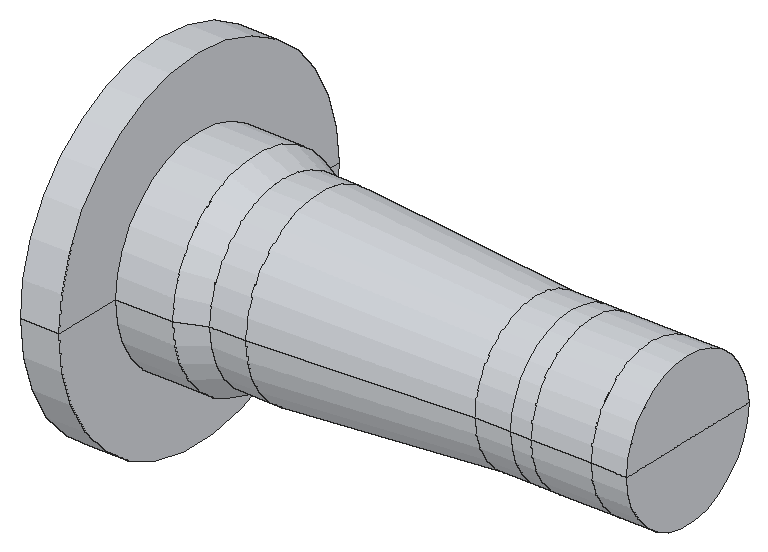
Revit family "1330efd58fd9473782993c4571957dfb", category Pipe Fittings, Revit 2021
Family settings
  Round Connector Dimension = Use Radius
  Part Type = Transition
  OmniClass Number = 23.60.30.11.14
  OmniClass Title = Pipework Fittings
  Work Plane-Based = No
  Always vertical = Yes
  Cut with Voids When Loaded = No
  Shared = No
Parameters (values of type "Standard")
  Visibility 2 [instance] = Nominal Diameter 2 > Nominal Diameter 1  # no
  Visibility 1 [instance] = Nominal Diameter 1 > Nominal Diameter 2  # yes
  URL = ""
  Type Comments = ""
  Tick Size 2 [instance] = if(Nominal Diameter 1 > Nominal Diameter 2, Min Tick Size 12, Max Tick Size 12)  # 1.5840"
  Tick Size 1 [instance] = if(Nominal Diameter 1 > Nominal Diameter 2, Max Tick Size 12, Min Tick Size 12)  # 1.9200"
  Min Tick Size 12 [instance] = Min Fitting Outside Diameter 12 * 0.4  # 1.5840"
  Max Tick Size 12 [instance] = Max Fitting Outside Diameter 12 * 0.4  # 1.9200"
  Socket Outside Radius 2 [instance] = Socket Outside Diameter 2 / 2  # 1.9800"
  Socket Outside Radius 1 [instance] = Socket Outside Diameter 1 / 2  # 2.7250"
  Socket Outside Diameter 2 [instance] = if(Nominal Diameter 1 > Nominal Diameter 2, Fitting Outside Diameter 2, Max Socket Outside Diameter 12)  # 3.9600"
  Socket Outside Diameter 1 [instance] = if(Nominal Diameter 1 > Nominal Diameter 2, Max Socket Outside Diameter 12, Fitting Outside Diameter 1)  # 5.4500"
  Socket Depth 2 [instance] = if(Nominal Diameter 2 < 14.0000", 2.5000", if(Nominal Diameter 2 < 30.0000", 3.5000", 4.0000"))  # 2.5000"
  Socket Depth 1 [instance] = if(Nominal Diameter 1 < 14.0000", 2.5000", if(Nominal Diameter 1 < 30.0000", 3.5000", 4.0000"))  # 2.5000"
  Min Socket Outside Diameter 12 [instance] = size_lookup(Lookup Table Name, "SOD", 1.1 * Min Nominal Diameter 12 + 0.8700", Min Nominal Diameter 12)  # 4.4800"
  Max Socket Outside Diameter 12 [instance] = size_lookup(Lookup Table Name, "SOD", 1.04 * Max Nominal Diameter 12 + 0.1300", Max Nominal Diameter 12)  # 5.4500"
  Nominal Radius 2 [instance] = 1.5000"
  Nominal Radius 1 [instance] = 2.0000"
  Nominal Diameter 2 [instance] = Nominal Radius 2 * 2  # 3.0000"
  Nominal Diameter 1 [instance] = Nominal Radius 1 * 2  # 4.0000"
  Min Nominal Diameter 12 [instance] = if(Nominal Diameter 1 > Nominal Diameter 2, Nominal Diameter 2, Nominal Diameter 1)  # 3.0000"
  Max Nominal Diameter 12 [instance] = if(Nominal Diameter 1 > Nominal Diameter 2, Nominal Diameter 1, Nominal Diameter 2)  # 4.0000"
  Manufacturer = ""
  Loss Method = K Coefficient from Table
  Lookup Table Name = "Reducer - MJ x PE - GI - Class 250"
  Length [instance] = size_lookup(Lookup Table Name, "Lgt", 2 * Max Nominal Diameter 12 + Socket Depth 1 - Socket Depth 2, Max Nominal Diameter 12, Min Nominal Diameter 12)  # 13.7500"
  K Coefficient Table = "Reducer/Coupling/Union/Increaser"
  Fitting Outside Radius 2 [instance] = Fitting Outside Diameter 2 / 2  # 1.9800"
  Fitting Outside Radius 1 [instance] = Fitting Outside Diameter 1 / 2  # 2.4000"
  Min Fitting Outside Diameter 12 [instance] = size_lookup(Lookup Table Name, "FOD", 1.04 * Min Nominal Diameter 12 + 0.7000", Min Nominal Diameter 12)  # 3.9600"
  Max Fitting Outside Diameter 12 [instance] = size_lookup(Lookup Table Name, "FOD", 1.04 * Max Nominal Diameter 12 + 0.7000", Max Nominal Diameter 12)  # 4.8000"
  built-in parameter 1114238 [instance] = (empty or 0)
  Fitting Outside Diameter 2 [instance] = if(Nominal Diameter 1 > Nominal Diameter 2, Min Fitting Outside Diameter 12, Max Fitting Outside Diameter 12)  # 3.9600"
  Fitting Outside Diameter 1 [instance] = if(Nominal Diameter 1 > Nominal Diameter 2, Max Fitting Outside Diameter 12, Min Fitting Outside Diameter 12)  # 4.8000"
  Description = ""
  Default Elevation = 0.0000"
  Bevel Length 2 [instance] = size_lookup(Lookup Table Name, "BvLgt", 0.04 * Nominal Diameter 2 + 0.4300", Nominal Diameter 2)  # 0.5200"
  Bevel Length 1 [instance] = size_lookup(Lookup Table Name, "BvLgt", 0.04 * Nominal Diameter 1 + 0.4300", Nominal Diameter 1)  # 0.6500"
  Gland Width 2 [instance] = size_lookup(Lookup Table Name, "GWid", 0.03 * Nominal Diameter 2 + 0.9400", Nominal Diameter 2)  # 0.9400"
  Gland Width 1 [instance] = size_lookup(Lookup Table Name, "GWid", 0.03 * Nominal Diameter 1 + 0.9400", Nominal Diameter 1)  # 1.0000"
  Gland Outside Radius 1 [instance] = Gland Outside Diameter 1 / 2  # 4.5600"
  Gland Outside Radius 2 [instance] = Gland Outside Diameter 2 / 2  # 1.9800"
  Max Gland Outside Diameter 12 [instance] = size_lookup(Lookup Table Name, "GOD", 1.16 * Max Nominal Diameter 12 + 4.0300", Max Nominal Diameter 12)  # 9.1200"
  Min Gland Outside Diameter 12 [instance] = size_lookup(Lookup Table Name, "GOD", 1.16 * Min Nominal Diameter 12 + 4.0300", Min Nominal Diameter 12)  # 7.6900"
  Gland Outside Diameter 2 [instance] = if(Nominal Diameter 1 > Nominal Diameter 2, Fitting Outside Diameter 2, Max Gland Outside Diameter 12)  # 3.9600"
  Gland Outside Diameter 1 [instance] = if(Nominal Diameter 1 > Nominal Diameter 2, Max Gland Outside Diameter 12, Fitting Outside Diameter 1)  # 9.1200"
  Assembly Code = ""
Reference planes (in)
  plane 1 "Center (Front/Back)": y = 0
  plane 2: z = 0
  plane 3 "Center (Left/Right)": x = 0
  plane 4 "Right": x = 13.75
  plane 5 "TK1 Top": y = 1.92
  plane 6 "TK1 Bottom": y = -1.92
  plane 7 "TK2 Top": y = 1.584
  plane 8 "TK2 Bottom": y = -1.584
  plane 9: y = 4.56
  plane 10: y = 2.725
  plane 11: x = 2.5
  plane 12: x = 3.15
  plane 13: y = 2.4
  plane 14 "SD2R": x = 11.25
  plane 15: x = 1
  plane 16: x = 12.81
  plane 17: x = 10.73
  plane 18: y = 1.98
  plane 19: y = 1.98
  plane 20: y = 1.98
  plane 21: x = 4.15
  plane 22: x = 9.79
Forms (in)
  Extrusion 1, solid, not visible
    sketch origin (0, 0, 0) x (0, 1, 0) y (0, 0, 1)
      loop
        circle (0, 0) r 1
    from 0 to 13.75
  Revolve 2, solid, detail levels fine
    sketch origin (0, 0, 0) x (1, 0, 0) y (0, 1, 0)
      loop
        line (1, 2.725) -> (1, 0) -> (12.81, 0) -> (12.81, 1.98) -> (11.25, 1.98) -> (10.73, 1.98) -> (9.79, 1.98) -> (4.15, 2.4) -> (3.2, 2.4) -> (2.5, 2.725) -> (1, 2.725)
      axis (1, 0) -> (12.81, 0)
    angle from 0 to 360
  Revolve 3, solid, detail levels fine
    sketch origin (0, 0, 0) x (1, 0, 0) y (0, 1, 0)
      loop
        line (0, 0) -> (1, 0) -> (1, 4.56) -> (0, 4.56) -> (0, 0)
      loop
        line (13.75, 0) -> (13.75, 1.98) -> (12.81, 1.98) -> (12.81, 0) -> (13.75, 0)
      axis (0, 0) -> (13.75, 0)
    angle from 0 to 360
Cuts and joins
  joined: Revolve 2, Revolve 3
Lines and regions (in)
  model lines, detail levels coarse+medium
    curve 1: line (0, 0, 0) -> (0, 1.92, 0)
    curve 2: line (0, -1.92, 0) -> (0, 0, 0)
    curve 3: line (13.75, 0, 0) -> (13.75, 1.584, 0)
    curve 4: line (13.75, 0, 0) -> (13.75, -1.584, 0)
  model lines, style "PipeFitting", visible <- "Visibility 1", detail levels coarse+medium
    curve 5: line (0, 1.92, 0) -> (13.75, 0, 0)
    curve 6: line (0, -1.92, 0) -> (13.75, 0, 0)
  model lines, style "PipeFitting", visible <- "Visibility 2", detail levels coarse+medium
    curve 7: line (13.75, 1.584, 0) -> (0, 0, 0)
    curve 8: line (0, 0, 0) -> (13.75, -1.584, 0)
Dimensions and locks (in)
  "Tick Size 1": plane 5 "TK1 Top" to plane 1 "Center (Front/Back)"
  "Tick Size 1": plane 6 "TK1 Bottom" to plane 1 "Center (Front/Back)"
  "Tick Size 2": plane 7 "TK2 Top" to plane 1 "Center (Front/Back)"
  "Tick Size 2": plane 8 "TK2 Bottom" to plane 1 "Center (Front/Back)"
  "Gland Outside Radius 1": plane 9 to plane 1 "Center (Front/Back)"
  "Socket Outside Radius 1": plane 1 "Center (Front/Back)" to plane 10
  "Fitting Outside Radius 1": plane 13 to plane 1 "Center (Front/Back)"
  "Length": plane 3 "Center (Left/Right)" to plane 4 "Right"
  "Socket Depth 2": plane 14 "SD2R" to plane 4 "Right"
  "Socket Depth 1": plane 3 "Center (Left/Right)" to plane 11
  "Gland Width 1": plane 3 "Center (Left/Right)" to plane 15
  "Gland Width 2": plane 16 to plane 4 "Right"
  "Bevel Length 1": plane 11 to plane 12
  "Bevel Length 2": plane 17 to plane 14 "SD2R"
  "Fitting Outside Radius 2": plane 18 to plane 1 "Center (Front/Back)"
  "Socket Outside Radius 2": plane 19 to plane 1 "Center (Front/Back)"
  "Gland Outside Radius 2": plane 20 to plane 1 "Center (Front/Back)"
  "Gland Width 1": plane 12 to plane 21
  "Gland Width 2": plane 22 to plane 17
  radius of Extrusion 1 sketch curve = 1.0000"
  aligned and locked: plane 2 to level
  aligned and locked: plane 2 to Extrusion 1 sketch curve
  aligned and locked: plane 1 "Center (Front/Back)" to Extrusion 1 sketch curve
  aligned and locked: Extrusion 1 to plane 3 "Center (Left/Right)"
  aligned and locked: plane 4 "Right" to Extrusion 1
  aligned and locked: plane 1 "Center (Front/Back)" to curve 2
  aligned and locked: plane 3 "Center (Left/Right)" to curve 1
  aligned and locked: plane 3 "Center (Left/Right)" to curve 2
  aligned and locked: plane 5 "TK1 Top" to curve 1
  aligned and locked: plane 6 "TK1 Bottom" to curve 2
  aligned and locked: curve 3 to plane 7 "TK2 Top"
  aligned and locked: curve 4 to plane 4 "Right"
  aligned and locked: plane 1 "Center (Front/Back)" to Revolve 2 sketch curve
  aligned and locked: Revolve 2 sketch curve to plane 10
  aligned and locked: plane 11 to Revolve 2 sketch curve
  aligned and locked: plane 14 "SD2R" to Revolve 2 sketch curve
  aligned and locked: plane 19 to Revolve 2 sketch curve
  aligned and locked: Revolve 2 sketch curve to Revolve 2 sketch curve
  aligned and locked: Revolve 2 sketch curve to plane 18
  aligned and locked: plane 22 to Revolve 2 sketch curve
  aligned and locked: Revolve 2 sketch curve to plane 13
  aligned and locked: plane 21 to Revolve 2 sketch curve
  aligned and locked: Revolve 3 sketch curve to plane 15
  aligned and locked: Revolve 3 sketch curve to plane 9
  aligned and locked: plane 20 to Revolve 3 sketch curve
  aligned and locked: plane 16 to Revolve 3 sketch curve
  aligned and locked: plane 4 "Right" to Revolve 3 sketch curve
  aligned and locked: Revolve 3 sketch curve to Revolve 3 sketch curve  (x2)
  aligned and locked: plane 3 "Center (Left/Right)" to Revolve 3 sketch curve
  aligned and locked: plane 15 to Revolve 2 sketch curve
  aligned and locked: plane 16 to Revolve 2 sketch curve
Automatic sketch dimensions
  plane 8 "TK2 Bottom" to curve 8 = 0.0000"
  plane 1 "Center (Front/Back)" to curve 4 = 0.0000"
  plane 1 "Center (Front/Back)" to Revolve 3 sketch curve = 0.0000"
  Revolve 3 sketch curve to plane 3 "Center (Left/Right)" = 9.7500"
  Revolve 3 sketch curve to Revolve 3 sketch curve = 7.2500"
  Revolve 2 sketch curve to plane 17 = 0.0000"
  Revolve 2 sketch curve to plane 3 "Center (Left/Right)" = 9.7500"
  Revolve 2 sketch curve to plane 12 = 0.0500"
  Revolve 2 sketch curve to Revolve 2 sketch curve = 8.3100"
Connectors (in)
  piping at (0, 0, 0), diameter 4, driven by "Nominal Radius 1"
    settings: on Extrusion 1, index 1, connector inside diameter 4.0000", connector length 0.0000", flow factor 0, pipe flow 0 GPM, pressure drop 0.00 psi, fitting loss kfactor 0, connector angle 0.00°, fixture units 0, engagement length 0.0000", angle of deflection 0.00°, flow configuration 0, flow direction 0, fitting loss method 0, system type 28, joint type 0, gender type 0, connector reference index 2, connector utility 0, adjustable connector no, is connector primary yes, connector description ""
  piping at (13.75, 0, 0), diameter 3, driven by "Nominal Radius 2"
    settings: on Extrusion 1, index 2, connector inside diameter 3.0000", connector length 0.0000", flow factor 0, pipe flow 0 GPM, pressure drop 0.00 psi, fitting loss kfactor 0, connector angle 0.00°, fixture units 0, engagement length 0.0000", angle of deflection 0.00°, flow configuration 0, flow direction 0, fitting loss method 0, system type 28, joint type 0, gender type 0, connector reference index 1, connector utility 0, adjustable connector no, is connector primary no, connector description ""
